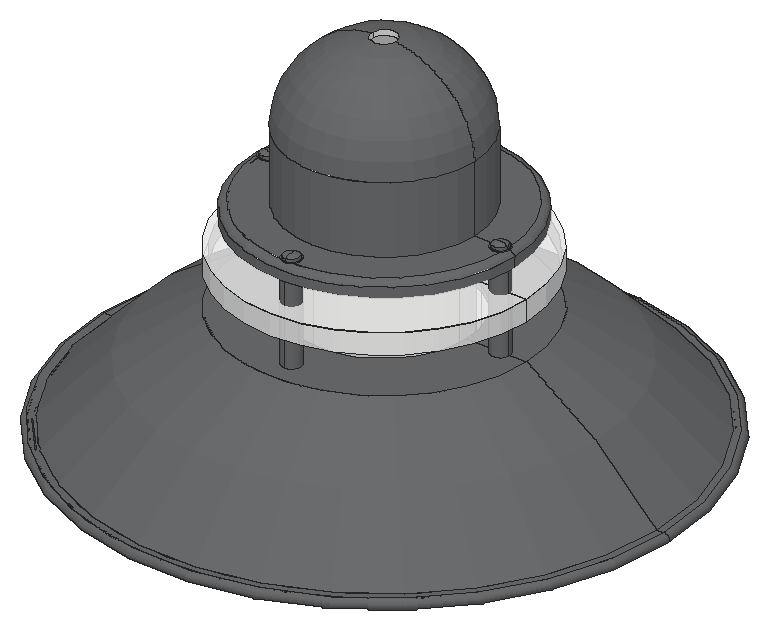
Revit family "UDP12 SHADE", category Lighting Fixtures, Revit 2024
Family settings
  Round Connector Dimension = Use Diameter
  Part Type = Normal
  OmniClass Number = 23.80.70.00
  OmniClass Title = Lighting
  Work Plane-Based = No
  Always vertical = Yes
  Cut with Voids When Loaded = No
  Light Source = Yes
  Maintain Annotation Orientation = No
  Shared = No
  Room Calculation Point = No
Parameters
  Wattage = 12.1178 W
  built-in parameter 1150110 = 1 (stored number, unit not read)
  built-in parameter 1114217 = 1 (stored number, unit not read)
  built-in parameter 1150109 = 1 (stored number, unit not read)
  built-in parameter 1150134 = (empty or 0)
  built-in parameter 1150113 = 1 (stored number, unit not read)
  Lumens = 1800 lm
  built-in parameter 1150115 = 1 (stored number, unit not read)
  built-in parameter 1150105 = 572.96 (stored number, unit not read)
  Light Source Symbol Size = 2' - 0"
  built-in parameter 1150137 = (empty or 0)
  built-in parameter 1150139 = (empty or 0)
  built-in parameter 1150112 = 1 (stored number, unit not read)
  built-in parameter 1150114 = 1 (stored number, unit not read)
  built-in parameter 1150132 = 2
  built-in parameter 1150102 = (empty or 0)
  built-in parameter 1150138 = (empty or 0)
  built-in parameter 1150107 = 3000 (stored number, unit not read)
  built-in parameter 1150106 = 5.7296 (stored number, unit not read)
  built-in parameter 1150104 = 13.8 (stored number, unit not read)
  Dimming Lamp Color Temperature Shift = (empty or 0)
  Default Elevation = 0' - 0"
  Color Filter = 16777215
  built-in parameter 1114218 = 1 (stored number, unit not read)
  built-in parameter 1150133 = 10 (stored number, unit not read)
Reference planes (in)
  plane 1 "Light Source Axis (F/B)": y = 0
  plane 2: z = 0
  plane 3 "Light Source Axis (L/R)": x = 0
  plane 4 "Light Source Elevation": z = 84
Forms (in)
  Revolve 1, solid
    sketch origin (0, 0, 0) x (1, 0, 0) y (0, 0, 1)
      loop
        spline (-0.25, 91.48566) -> (-0.4735, 91.44681) -> (-0.6902, 91.38431) -> (-0.89699, 91.29907) -> (-1.0909, 91.19231) -> (-1.26914, 91.06556) -> (-1.42916, 90.92065) -> (-1.56866, 90.75965) -> (-1.68563, 90.58488) -> (-1.7784, 90.39884) -> (-1.84563, 90.20422) -> (-1.88636, 90.00379) -> (-1.9, 89.80044)
        line (-1.9, 89.80044) -> (-1.9, 88.40044) -> (-2.60005, 88.40044)
        arc (-2.60005, 88.40044) -> (-2.69017, 88.37315) -> (-2.75, 88.30044) r 0.16242
        line (-2.75, 88.30044) -> (-2.75, 88.10044) -> (-2.65625, 88.10044) -> (-2.65625, 88.27749)
        arc (-2.65625, 88.27749) -> (-2.63172, 88.29895) -> (-2.60005, 88.30669) r 0.06867
        line (-2.60005, 88.30669) -> (-1.80625, 88.30669) -> (-1.80625, 89.80044)
        spline (-1.80625, 89.80044) -> (-1.7933, 89.99129) -> (-1.75496, 90.17954) -> (-1.69185, 90.36257) -> (-1.60458, 90.53777) -> (-1.49401, 90.7026) -> (-1.3619, 90.85484) -> (-1.21025, 90.99233) -> (-1.04107, 91.1129) -> (-0.85651, 91.21454) -> (-0.65932, 91.29579) -> (-0.45245, 91.35543) -> (-0.23894, 91.39257)
        line (-0.23894, 91.39257) -> (-0.25, 91.48566)
      loop
        line (-1.75, 87.575) -> (-3, 87.575) -> (-3, 87.15) -> (-2.90625, 87.15) -> (-2.90625, 87.48125) -> (-1.75, 87.48125) -> (-1.75, 87.575)
      loop
        line (-1.75, 86.4) -> (-3, 86.4)
        arc (-3, 86.4) -> (-4.4902, 85.444) -> (-5.75, 84.2) r 8.4993
        line (-5.75, 84.2) -> (-5.9, 84.2)
        arc (-5.9, 84.2) -> (-5.95454, 84.01618) -> (-5.80858, 84.14052) r 0.1
        line (-5.80858, 84.14052) -> (-5.67754, 84.14052)
        arc (-5.67754, 84.14052) -> (-4.44029, 85.36385) -> (-2.97768, 86.30625) r 8.40555
        line (-2.97768, 86.30625) -> (-1.75, 86.30625) -> (-1.75, 86.4)
      loop
        line (-1.6, 88.10044) -> (-1.6, 84) -> (-1.6, 83.67266)
        arc (-1.6, 83.67266) -> (-1.13137, 82.54129) -> (0, 82.07266) r 1.6
        line (0, 82.07266) -> (0, 82.16641)
        arc (0, 82.16641) -> (-1.06508, 82.60758) -> (-1.50625, 83.67266) r 1.50625
        line (-1.50625, 83.67266) -> (-1.50625, 84) -> (-1.50625, 88.10044) -> (-1.6, 88.10044)
      axis (0, 91.48566) -> (0, 82.07266)
    angle from 0 to 360
  Sweep 2, solid
    path origin (0, 0, 0) x (1, 0, 0) y (0, 0, 1)
      loop
        line (-2.44683, 88.40044) -> (-2.44683, 86.4)
    profile origin (-2.44683, 0, 87.40022) x (0, -1, 0) y (1, 0, 0)
      loop
        circle (0, 0) r 0.1875
  Revolve 3, solid
    sketch origin (0, 0, 0) x (1, 0, 0) y (0, 0, 1)
      loop
        arc (-2.44683, 88.48465) -> (-2.5277, 88.48001) -> (-2.60005, 88.4436) r 0.19949
        line (-2.60005, 88.4436) -> (-2.60005, 88.40044) -> (-2.44683, 88.40044) -> (-2.44683, 88.48465)
      axis (-2.44683, 88.40044) -> (-2.44683, 88.48465)
    angle from 0 to 360
  Sweep 4, solid
    path origin (0, 0, 0) x (0, -1, 0) y (0, 0, 1)
      loop
        line (-2.44683, 88.40044) -> (-2.44683, 86.4)
    profile origin (0, 2.44683, 87.40022) x (-1, 0, 0) y (0, -1, 0)
      loop
        circle (0, 0) r 0.1875
  Revolve 5, solid
    sketch origin (0, 0, 0) x (0, -1, 0) y (0, 0, 1)
      loop
        arc (-2.44683, 88.48465) -> (-2.5277, 88.48001) -> (-2.60005, 88.4436) r 0.19949
        line (-2.60005, 88.4436) -> (-2.60005, 88.40044) -> (-2.44683, 88.40044) -> (-2.44683, 88.48465)
      axis (-2.44683, 88.40044) -> (-2.44683, 88.48465)
    angle from 0 to 360
  Sweep 6, solid
    path origin (0, 0, 0) x (0, 1, 0) y (0, 0, 1)
      loop
        line (-2.44683, 88.40044) -> (-2.44683, 86.4)
    profile origin (0, -2.44683, 87.40022) x (1, 0, 0) y (0, 1, 0)
      loop
        circle (0, 0) r 0.1875
  Revolve 7, solid
    sketch origin (0, 0, 0) x (0, 1, 0) y (0, 0, 1)
      loop
        arc (-2.44683, 88.48465) -> (-2.5277, 88.48001) -> (-2.60005, 88.4436) r 0.19949
        line (-2.60005, 88.4436) -> (-2.60005, 88.40044) -> (-2.44683, 88.40044) -> (-2.44683, 88.48465)
      axis (-2.44683, 88.40044) -> (-2.44683, 88.48465)
    angle from 0 to 360
  Sweep 8, solid
    path origin (0, 0, 0) x (-1, 0, 0) y (0, 0, 1)
      loop
        line (-2.44683, 88.40044) -> (-2.44683, 86.4)
    profile origin (2.44683, 0, 87.40022) x (0, 1, 0) y (-1, 0, 0)
      loop
        circle (0, 0) r 0.1875
  Revolve 9, solid
    sketch origin (0, 0, 0) x (-1, 0, 0) y (0, 0, 1)
      loop
        arc (-2.44683, 88.48465) -> (-2.5277, 88.48001) -> (-2.60005, 88.4436) r 0.19949
        line (-2.60005, 88.4436) -> (-2.60005, 88.40044) -> (-2.44683, 88.40044) -> (-2.44683, 88.48465)
      axis (-2.44683, 88.40044) -> (-2.44683, 88.48465)
    angle from 0 to 360
Dimensions and locks (in)
  aligned and locked: plane 3 "Light Source Axis (L/R)" to imposter light
  aligned and locked: plane 1 "Light Source Axis (F/B)" to imposter light
  aligned and locked: plane 4 "Light Source Elevation" to imposter light
  aligned and locked: level to plane 2
